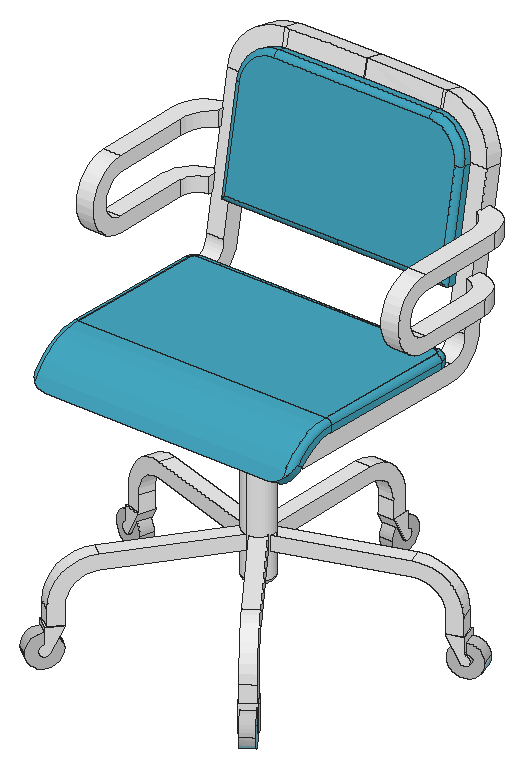
Revit family (continued)
Lines and regions (mm)
  symbolic lines
    curve 100: line (279.4, -359.867, 418.876) -> (279.4, -284.36, 416.86)
    curve 101: arc (279.4, -401.676, 450.004) -> (279.4, -436.516, 443.042) -> (279.4, -464.905, 421.681) r 80
    curve 102: line (279.4, -141.181, 443.047) -> (279.4, -401.676, 450.004)
    curve 103: line (279.4, -94.567, 560) -> (279.4, -64.316, 560)
    curve 104: line (279.4, -69.096, 534.203) -> (279.4, -99.819, 534.203)
    curve 105: line (279.4, -76.276, 654.6) -> (279.4, -53.664, 654.6)
    curve 106: line (279.4, -53.664, 654.6) -> (279.4, -53.664, 629.2)
    curve 107: line (279.4, -53.664, 629.2) -> (279.4, -78.674, 629.2)
    curve 108: line (-291.524, -528.477, 64.962) -> (-267.378, -528.477, 64.962)
    curve 109: line (-268.019, -528.477, 62.962) -> (-268.019, -528.477, 64.962)
    curve 110: line (-267.378, -528.477, 64.962) -> (-267.378, -528.477, 92.962)
    curve 111: line (-268.019, -528.477, 62.962) -> (-259.552, -528.477, 62.962)
    curve 112: line (-259.552, -528.477, 62.962) -> (-267.428, -528.477, 47.656)
    curve 113: spline (-272.954, -528.477, 52.17) -> (-272.412, -528.477, 51.828) -> (-271.877, -528.477, 51.472) -> (-271.351, -528.477, 51.104) -> (-270.834, -528.477, 50.722) -> (-270.325, -528.477, 50.327) -> (-269.825, -528.477, 49.92) -> (-269.335, -528.477, 49.5) -> (-268.854, -528.477, 49.068) -> (-268.383, -528.477, 48.625) -> (-267.922, -528.477, 48.169) -> (-267.471, -528.477, 47.703) -> (-267.032, -528.477, 47.225)
    curve 114: spline (-267.367, -528.477, 92.962) -> (-266.961, -528.477, 99.475) -> (-265.75, -528.477, 105.877) -> (-263.755, -528.477, 112.058) -> (-261.009, -528.477, 117.912) -> (-257.56, -528.477, 123.339) -> (-253.467, -528.477, 128.247) -> (-248.8, -528.477, 132.55) -> (-243.638, -528.477, 136.177) -> (-238.071, -528.477, 139.064) -> (-232.192, -528.477, 141.162) -> (-226.104, -528.477, 142.435) -> (-219.909, -528.477, 142.862)
    curve 115: line (-176.907, -528.477, 142.862) -> (-219.909, -528.477, 142.862)
    curve 116: spline (-176.907, -528.477, 142.862) -> (-174.758, -528.477, 146.712) -> (-172.454, -528.477, 150.295) -> (-170.008, -528.477, 153.593) -> (-167.431, -528.477, 156.589) -> (-164.736, -528.477, 159.269) -> (-161.937, -528.477, 161.619) -> (-159.048, -528.477, 163.628) -> (-156.083, -528.477, 165.285) -> (-153.056, -528.477, 166.582) -> (-149.984, -528.477, 167.514) -> (-146.88, -528.477, 168.075) -> (-143.761, -528.477, 168.262)
    curve 117: spline (-123.212, -528.477, 168.262) -> (-128.989, -528.477, 167.618) -> (-134.667, -528.477, 165.696) -> (-140.149, -528.477, 162.53) -> (-145.342, -528.477, 158.174) -> (-150.155, -528.477, 152.701) -> (-154.508, -528.477, 146.207) -> (-158.326, -528.477, 138.802) -> (-161.542, -528.477, 130.612) -> (-164.103, -528.477, 121.778) -> (-165.964, -528.477, 112.451) -> (-167.093, -528.477, 102.791) -> (-167.472, -528.477, 92.962)
    curve 118: line (-167.472, -528.477, 92.962) -> (-167.472, -528.477, 64.962)
    curve 119: line (-189.568, -528.477, 55.934) -> (-189.568, -528.477, 62.962)
    curve 120: line (-189.568, -528.477, 62.962) -> (-169.056, -528.477, 62.962)
    curve 121: line (-188.021, -528.477, 64.962) -> (-150.927, -528.477, 64.962)
    curve 122: line (-169.056, -528.477, 62.962) -> (-169.056, -528.477, 41.818)
    curve 123: line (-167.441, -528.477, 64.962) -> (-167.441, -528.477, 41.818)
    curve 124: line (-167.441, -528.477, 41.818) -> (-168.11, -528.477, 37.583)
    curve 125: line (-169.056, -528.477, 41.818) -> (-169.725, -528.477, 37.583)
    curve 126: line (-169.056, -528.477, 41.818) -> (-167.441, -528.477, 41.818)
    curve 127: line (-169.725, -528.477, 37.583) -> (-168.11, -528.477, 37.583)
    curve 128: spline (-169.725, -528.477, 37.583) -> (-170.939, -528.477, 37.011) -> (-172.032, -528.477, 35.948) -> (-172.937, -528.477, 34.46) -> (-173.596, -528.477, 32.639) -> (-173.97, -528.477, 30.598) -> (-174.035, -528.477, 28.465) -> (-173.787, -528.477, 26.37) -> (-173.242, -528.477, 24.443) -> (-172.433, -528.477, 22.805) -> (-171.41, -528.477, 21.557) -> (-170.237, -528.477, 20.775) -> (-168.987, -528.477, 20.509)
    curve 129: spline (-168.11, -528.477, 37.583) -> (-169.658, -528.477, 36.75) -> (-170.97, -528.477, 35.128) -> (-171.912, -528.477, 32.886) -> (-172.387, -528.477, 30.253) -> (-172.346, -528.477, 27.5) -> (-171.792, -528.477, 24.912) -> (-170.784, -528.477, 22.753) -> (-169.425, -528.477, 21.247) -> (-167.854, -528.477, 20.548) -> (-166.234, -528.477, 20.729) -> (-164.731, -528.477, 21.77) -> (-163.499, -528.477, 23.565)
    curve 130: spline (-169.056, -528.477, 55.962) -> (-173.384, -528.477, 55.346) -> (-177.466, -528.477, 52.806) -> (-181.014, -528.477, 48.52) -> (-183.779, -528.477, 42.789) -> (-185.566, -528.477, 36.017) -> (-186.249, -528.477, 28.68) -> (-185.781, -528.477, 21.294) -> (-184.195, -528.477, 14.377) -> (-181.601, -528.477, 8.417) -> (-178.183, -528.477, 3.833) -> (-174.18, -528.477, 0.947) -> (-169.875, -528.477, -0.038)
    curve 131: line (-163.499, -528.477, 23.565) -> (-156.745, -528.477, 44.731)
    curve 132: line (-175.288, -528.477, 55.934) -> (-189.568, -528.477, 55.934)
    curve 133: spline (-191.183, -528.477, 55.708) -> (-191.049, -528.477, 55.741) -> (-190.915, -528.477, 55.771) -> (-190.781, -528.477, 55.799) -> (-190.647, -528.477, 55.826) -> (-190.512, -528.477, 55.85) -> (-190.378, -528.477, 55.873) -> (-190.243, -528.477, 55.894) -> (-190.108, -528.477, 55.913) -> (-189.973, -528.477, 55.93) -> (-189.838, -528.477, 55.945) -> (-189.703, -528.477, 55.958) -> (-189.568, -528.477, 55.969)
    curve 134: line (291.524, -528.477, 64.962) -> (267.378, -528.477, 64.962)
    curve 135: line (268.019, -528.477, 62.962) -> (268.019, -528.477, 64.962)
    curve 136: line (267.378, -528.477, 64.962) -> (267.378, -528.477, 92.962)
    curve 137: line (268.019, -528.477, 62.962) -> (259.552, -528.477, 62.962)
    curve 138: line (259.552, -528.477, 62.962) -> (267.428, -528.477, 47.656)
    curve 139: spline (267.367, -528.477, 92.962) -> (266.961, -528.477, 99.475) -> (265.75, -528.477, 105.877) -> (263.755, -528.477, 112.058) -> (261.009, -528.477, 117.912) -> (257.56, -528.477, 123.339) -> (253.467, -528.477, 128.247) -> (248.8, -528.477, 132.55) -> (243.638, -528.477, 136.177) -> (238.071, -528.477, 139.064) -> (232.192, -528.477, 141.162) -> (226.104, -528.477, 142.435) -> (219.909, -528.477, 142.862)
    curve 140: line (176.907, -528.477, 142.862) -> (219.909, -528.477, 142.862)
    curve 141: spline (176.907, -528.477, 142.862) -> (174.758, -528.477, 146.712) -> (172.454, -528.477, 150.295) -> (170.008, -528.477, 153.593) -> (167.431, -528.477, 156.589) -> (164.736, -528.477, 159.269) -> (161.937, -528.477, 161.619) -> (159.048, -528.477, 163.628) -> (156.083, -528.477, 165.285) -> (153.056, -528.477, 166.582) -> (149.984, -528.477, 167.514) -> (146.88, -528.477, 168.075) -> (143.761, -528.477, 168.262)
    curve 142: spline (123.212, -528.477, 168.262) -> (128.989, -528.477, 167.618) -> (134.667, -528.477, 165.696) -> (140.149, -528.477, 162.53) -> (145.342, -528.477, 158.174) -> (150.155, -528.477, 152.701) -> (154.508, -528.477, 146.207) -> (158.326, -528.477, 138.802) -> (161.542, -528.477, 130.612) -> (164.103, -528.477, 121.778) -> (165.964, -528.477, 112.451) -> (167.093, -528.477, 102.791) -> (167.472, -528.477, 92.962)
    curve 143: line (167.472, -528.477, 92.962) -> (167.472, -528.477, 64.962)
    curve 144: line (189.568, -528.477, 55.934) -> (189.568, -528.477, 62.962)
    curve 145: line (189.568, -528.477, 62.962) -> (169.056, -528.477, 62.962)
    curve 146: line (188.021, -528.477, 64.962) -> (150.927, -528.477, 64.962)
    curve 147: line (169.056, -528.477, 62.962) -> (169.056, -528.477, 41.818)
    curve 148: line (167.441, -528.477, 64.962) -> (167.441, -528.477, 41.818)
    curve 149: line (167.441, -528.477, 41.818) -> (168.11, -528.477, 37.583)
    curve 150: line (169.056, -528.477, 41.818) -> (169.725, -528.477, 37.583)
    curve 151: line (169.056, -528.477, 41.818) -> (167.441, -528.477, 41.818)
    curve 152: line (169.725, -528.477, 37.583) -> (168.11, -528.477, 37.583)
    curve 153: spline (169.725, -528.477, 37.583) -> (171.273, -528.477, 36.75) -> (172.585, -528.477, 35.128) -> (173.527, -528.477, 32.886) -> (174.002, -528.477, 30.253) -> (173.961, -528.477, 27.5) -> (173.408, -528.477, 24.912) -> (172.399, -528.477, 22.753) -> (171.04, -528.477, 21.247) -> (169.469, -528.477, 20.548) -> (167.849, -528.477, 20.729) -> (166.346, -528.477, 21.77) -> (165.114, -528.477, 23.565)
    curve 154: spline (168.11, -528.477, 37.583) -> (169.658, -528.477, 36.75) -> (170.97, -528.477, 35.128) -> (171.912, -528.477, 32.886) -> (172.387, -528.477, 30.253) -> (172.346, -528.477, 27.5) -> (171.792, -528.477, 24.912) -> (170.784, -528.477, 22.753) -> (169.425, -528.477, 21.247) -> (167.854, -528.477, 20.548) -> (166.234, -528.477, 20.729) -> (164.731, -528.477, 21.77) -> (163.499, -528.477, 23.565)
    curve 155: spline (169.056, -528.477, 55.962) -> (173.384, -528.477, 55.346) -> (177.466, -528.477, 52.806) -> (181.014, -528.477, 48.52) -> (183.779, -528.477, 42.789) -> (185.566, -528.477, 36.017) -> (186.249, -528.477, 28.68) -> (185.781, -528.477, 21.294) -> (184.195, -528.477, 14.377) -> (181.601, -528.477, 8.417) -> (178.183, -528.477, 3.833) -> (174.18, -528.477, 0.947) -> (169.875, -528.477, -0.038)
    curve 156: line (163.499, -528.477, 23.565) -> (156.745, -528.477, 44.731)
    curve 157: line (175.288, -528.477, 55.934) -> (189.568, -528.477, 55.934)
    curve 158: spline (191.183, -528.477, 55.708) -> (191.049, -528.477, 55.741) -> (190.915, -528.477, 55.771) -> (190.781, -528.477, 55.799) -> (190.647, -528.477, 55.826) -> (190.512, -528.477, 55.85) -> (190.378, -528.477, 55.873) -> (190.243, -528.477, 55.894) -> (190.108, -528.477, 55.913) -> (189.973, -528.477, 55.93) -> (189.838, -528.477, 55.945) -> (189.703, -528.477, 55.958) -> (189.568, -528.477, 55.969)
    curve 159: line (-294.648, -528.477, 41.818) -> (-295.727, -528.477, 37.583)
    curve 160: spline (-295.727, -528.477, 37.583) -> (-298.223, -528.477, 36.75) -> (-300.34, -528.477, 35.128) -> (-301.859, -528.477, 32.886) -> (-302.625, -528.477, 30.253) -> (-302.558, -528.477, 27.5) -> (-301.666, -528.477, 24.912) -> (-300.04, -528.477, 22.753) -> (-297.848, -528.477, 21.247) -> (-295.315, -528.477, 20.548) -> (-292.702, -528.477, 20.729) -> (-290.278, -528.477, 21.77) -> (-288.292, -528.477, 23.565)
    curve 161: line (-288.292, -528.477, 23.565) -> (-268.019, -528.477, 62.962)
    curve 162: line (-287.674, -528.477, 23.565) -> (-267.401, -528.477, 62.962)
    curve 163: spline (-294.228, -528.477, 20.515) -> (-293.61, -528.477, 20.515) -> (-292.993, -528.477, 20.565) -> (-292.382, -528.477, 20.663) -> (-291.78, -528.477, 20.809) -> (-291.19, -528.477, 21.003) -> (-290.616, -528.477, 21.243) -> (-290.06, -528.477, 21.529) -> (-289.527, -528.477, 21.857) -> (-289.019, -528.477, 22.228) -> (-288.539, -528.477, 22.637) -> (-288.09, -528.477, 23.084) -> (-287.674, -528.477, 23.565)
    curve 164: line (-294.648, -528.477, 41.818) -> (-294.648, -528.477, 55.976)
    curve 165: line (-167.371, -528.477, 20.509) -> (-168.987, -528.477, 20.509)
    curve 166: spline (272.954, -528.477, 52.17) -> (272.412, -528.477, 51.828) -> (271.877, -528.477, 51.472) -> (271.351, -528.477, 51.104) -> (270.834, -528.477, 50.722) -> (270.325, -528.477, 50.327) -> (269.825, -528.477, 49.92) -> (269.335, -528.477, 49.5) -> (268.854, -528.477, 49.068) -> (268.383, -528.477, 48.625) -> (267.922, -528.477, 48.169) -> (267.471, -528.477, 47.703) -> (267.032, -528.477, 47.225)
    curve 167: line (294.648, -528.477, 41.818) -> (295.727, -528.477, 37.583)
    curve 168: spline (295.727, -528.477, 37.583) -> (298.223, -528.477, 36.75) -> (300.34, -528.477, 35.128) -> (301.859, -528.477, 32.886) -> (302.625, -528.477, 30.253) -> (302.558, -528.477, 27.5) -> (301.666, -528.477, 24.912) -> (300.04, -528.477, 22.753) -> (297.848, -528.477, 21.247) -> (295.315, -528.477, 20.548) -> (292.702, -528.477, 20.729) -> (290.278, -528.477, 21.77) -> (288.292, -528.477, 23.565)
    curve 169: line (288.292, -528.477, 23.565) -> (268.019, -528.477, 62.962)
    curve 170: line (287.674, -528.477, 23.565) -> (267.401, -528.477, 62.962)
    curve 171: spline (294.228, -528.477, 20.515) -> (293.61, -528.477, 20.515) -> (292.993, -528.477, 20.565) -> (292.382, -528.477, 20.663) -> (291.78, -528.477, 20.809) -> (291.19, -528.477, 21.003) -> (290.616, -528.477, 21.243) -> (290.06, -528.477, 21.529) -> (289.527, -528.477, 21.857) -> (289.019, -528.477, 22.228) -> (288.539, -528.477, 22.637) -> (288.09, -528.477, 23.084) -> (287.674, -528.477, 23.565)
    curve 172: line (294.648, -528.477, 41.818) -> (294.648, -528.477, 55.976)
    curve 173: line (-25.293, -528.477, 168.262) -> (-1.132, -528.477, 168.262)
    curve 174: line (-1.132, -528.477, 168.262) -> (-1.132, -528.477, 142.862)
    curve 175: line (-1.132, -528.477, 142.862) -> (-25.293, -528.477, 142.862)
    curve 176: line (1.132, -528.477, 168.262) -> (1.132, -528.477, 142.862)
    curve 177: line (1.132, -528.477, 142.862) -> (24.941, -528.477, 142.862)
    curve 178: line (24.941, -528.477, 168.262) -> (1.132, -528.477, 168.262)
    curve 179: line (-12.7, -528.477, 92.509) -> (12.7, -528.477, 92.509)
    curve 180: line (-12.5, -528.477, 295.225) -> (12.9, -528.477, 295.225)
    curve 181: spline (12.5, -528.477, 327.12) -> (10.543, -528.477, 326.501) -> (8.519, -528.477, 325.988) -> (6.441, -528.477, 325.585) -> (4.322, -528.477, 325.292) -> (2.176, -528.477, 325.114) -> (0.015, -528.477, 325.049) -> (-2.147, -528.477, 325.099) -> (-4.296, -528.477, 325.264) -> (-6.419, -528.477, 325.543) -> (-8.503, -528.477, 325.933) -> (-10.534, -528.477, 326.432) -> (-12.5, -528.477, 327.038)
    curve 182: spline (20.865, -528.477, 373.233) -> (18.072, -528.477, 374.884) -> (14.919, -528.477, 376.284) -> (11.468, -528.477, 377.403) -> (7.789, -528.477, 378.22) -> (3.954, -528.477, 378.718) -> (0.04, -528.477, 378.887) -> (-3.875, -528.477, 378.724) -> (-7.712, -528.477, 378.233) -> (-11.396, -528.477, 377.422) -> (-14.852, -528.477, 376.309) -> (-18.012, -528.477, 374.915) -> (-20.812, -528.477, 373.269)
    curve 183: spline (27.242, -528.477, 343.424) -> (26.31, -528.477, 346.711) -> (23.576, -528.477, 349.774) -> (19.228, -528.477, 352.405) -> (13.562, -528.477, 354.423) -> (6.963, -528.477, 355.692) -> (-0.118, -528.477, 356.124) -> (-7.2, -528.477, 355.692) -> (-13.799, -528.477, 354.423) -> (-19.465, -528.477, 352.405) -> (-23.813, -528.477, 349.774) -> (-26.547, -528.477, 346.711) -> (-27.479, -528.477, 343.424)
    curve 184: line (-20.812, -528.477, 398.606) -> (20.892, -528.477, 398.606)
    curve 185: line (-195, -528.477, 470.031) -> (-215.001, -528.477, 470.031)
    curve 186: arc (-215.001, -528.477, 470.031) -> (-222.071, -528.477, 467.103) -> (-225, -528.477, 460.032) r 9.999
    curve 187: arc (225.052, -528.477, 460.976) -> (222.4, -528.477, 467.379) -> (215.997, -528.477, 470.031) r 9.055
    curve 188: line (215.997, -528.477, 470.031) -> (195, -528.477, 470.031)
    curve 189: line (250, -528.477, 560) -> (250, -528.477, 534.6)
    curve 190: line (250.102, -528.477, 629.2) -> (250.102, -528.477, 654.6)
    curve 191: line (225, -528.477, 629.2) -> (225, -528.477, 654.6)
    curve 192: line (225, -528.477, 534.6) -> (225, -528.477, 560)
    curve 193: line (-250, -528.477, 534.6) -> (-250, -528.477, 560)
    curve 194: line (-250, -528.477, 629.2) -> (-250, -528.477, 654.6)
    curve 195: line (-225, -528.477, 654.6) -> (-225, -528.477, 629.2)
    curve 196: line (-225, -528.477, 560) -> (-225, -528.477, 534.6)
    curve 206: line (279.4, -285.588, 168.262) -> (279.4, -285.588, 142.862)
    curve 207: line (279.4, -283.434, 168.262) -> (279.4, -283.434, 142.862)
    curve 208: line (167.441, -532.7, 0) -> (191.341, -515.246, 0)
    curve 224: line (-293.783, -168.143, 0) -> (-286.041, -170.659, 0)
    curve 225: line (-301.667, -192.289, 0) -> (-293.89, -194.816, 0)
    curve 226: line (-12.7, 36.113, 0) -> (-12.7, 27.648, 0)
    curve 227: line (12.7, 36.113, 0) -> (12.7, 27.648, 0)
    curve 228: line (194.264, -522.68, 0) -> (189.706, -516.44, 0)
    curve 229: line (173.745, -537.653, 0) -> (169.194, -531.42, 0)
    curve 230: line (-167.441, -532.7, 0) -> (-191.341, -515.246, 0)
    curve 231: line (-194.264, -522.68, 0) -> (-189.706, -516.44, 0)
    curve 232: line (-173.745, -537.653, 0) -> (-169.194, -531.42, 0)
    curve 233: line (294.508, -196.718, 0) -> (285.423, -168.757, 0)
    curve 234: line (293.783, -168.143, 0) -> (286.041, -170.659, 0)
    curve 235: line (301.667, -192.289, 0) -> (293.89, -194.816, 0)
    curve 236: arc (-140.186, -31.145, 0) -> (0.015, -27.904, 0) -> (140.217, -31.153, 0) r 3030.783
  symbolic lines, visible <- "Bar Back Visibility"
    curve 38: line (-55, -51.607, 800.1) -> (-55, -67.47, 800.1)
    curve 39: line (-85, -67.47, 800.1) -> (-85, -53.221, 800.1)
    curve 40: line (-15, -65.374, 800.1) -> (-15, -50.532, 800.1)
    curve 41: line (15, -50.532, 800.1) -> (15, -65.374, 800.1)
    curve 42: line (55, -67.47, 800.1) -> (55, -51.607, 800.1)
    curve 43: line (85, -53.221, 800.1) -> (85, -67.47, 800.1)
    curve 44: spline (12.7, -74.107, 800.1) -> (10.583, -74.089, 800.1) -> (8.467, -74.073, 800.1) -> (6.35, -74.061, 800.1) -> (4.233, -74.052, 800.1) -> (2.117, -74.047, 800.1) -> (0, -74.046, 800.1) -> (-2.117, -74.047, 800.1) -> (-4.233, -74.052, 800.1) -> (-6.35, -74.061, 800.1) -> (-8.467, -74.073, 800.1) -> (-10.583, -74.089, 800.1) -> (-12.7, -74.107, 800.1)
    curve 45: spline (-195, -83.906, 800.1) -> (-162.697, -79.427, 800.1) -> (-130.287, -75.759, 800.1) -> (-97.791, -72.903, 800.1) -> (-65.23, -70.862, 800.1) -> (-32.626, -69.636, 800.1) -> (0, -69.228, 800.1) -> (32.626, -69.636, 800.1) -> (65.23, -70.862, 800.1) -> (97.791, -72.903, 800.1) -> (130.287, -75.759, 800.1) -> (162.697, -79.427, 800.1) -> (195, -83.906, 800.1)
    curve 197: line (-85, -528.477, 763.238) -> (-85, -528.477, 768.213)
    curve 198: line (-85, -528.477, 768.213) -> (-55, -528.477, 768.213)
    curve 199: line (85, -528.477, 763.238) -> (85, -528.477, 768.213)
    curve 200: line (55, -528.477, 763.238) -> (55, -528.477, 768.213)
    curve 201: line (15, -528.477, 763.238) -> (15, -528.477, 768.213)
    curve 202: line (-15, -528.477, 763.238) -> (-15, -528.477, 768.213)
    curve 203: line (-55, -528.477, 763.238) -> (-55, -528.477, 768.213)
    curve 204: line (-15, -528.477, 768.213) -> (15, -528.477, 768.213)
    curve 205: line (55, -528.477, 768.213) -> (85, -528.477, 768.213)
    curve 221: line (15, -65.374, 0) -> (-15, -65.374, 0)
    curve 222: line (55, -67.47, 0) -> (85, -67.47, 0)
    curve 223: line (-55, -67.47, 0) -> (-85, -67.47, 0)
    curve 237: line (-85, -528.477, 560.007) -> (-55, -528.477, 560.007)
    curve 238: line (-15, -528.477, 560.007) -> (15, -528.477, 560.007)
    curve 239: line (55, -528.477, 560.007) -> (85, -528.477, 560.007)
    curve 240: line (-195, -528.477, 538.994) -> (195, -528.477, 538.994)
  symbolic lines, visible <- "Open Back Visibility"
    curve 46: spline (-195, -83.906, 0) -> (-162.697, -79.427, 0) -> (-130.287, -75.759, 0) -> (-97.791, -72.903, 0) -> (-65.23, -70.862, 0) -> (-32.626, -69.636, 0) -> (0, -69.228, 0) -> (32.626, -69.636, 0) -> (65.23, -70.862, 0) -> (97.791, -72.903, 0) -> (130.287, -75.759, 0) -> (162.697, -79.427, 0) -> (195, -83.906, 0)
    curve 47: spline (12.7, -74.107, 0) -> (10.583, -74.089, 0) -> (8.467, -74.073, 0) -> (6.35, -74.061, 0) -> (4.233, -74.052, 0) -> (2.117, -74.047, 0) -> (0, -74.046, 0) -> (-2.117, -74.047, 0) -> (-4.233, -74.052, 0) -> (-6.35, -74.061, 0) -> (-8.467, -74.073, 0) -> (-10.583, -74.089, 0) -> (-12.7, -74.107, 0)
    curve 48: arc (12.792, -50.509, 0) -> (0.046, -50.446, 0) -> (-12.7, -50.507, 0) r 1302.096
    curve 241: line (-195, -528.477, 538.994) -> (195, -528.477, 538.994)
  sketch lines
    curve 209: line (225, -140.853, 412.478) -> (225, -463.776, 421.102)
    curve 210: arc (225, -79.253, 472.96) -> (225, -97.215, 429.644) -> (225, -140.853, 412.478) r 60
    curve 211: line (225, -34.059, 707.453) -> (225, -79.253, 472.96)
    curve 212: arc (141.229, -15.158, 790.397) -> (200.696, -21.912, 766.067) -> (225, -34.059, 707.453) r 84.481
    curve 213: spline (0, -12.45, 791.075) -> (11.246, -12.488, 790.981) -> (22.493, -12.557, 790.893) -> (33.739, -12.656, 790.813) -> (44.985, -12.787, 790.739) -> (56.23, -12.948, 790.673) -> (67.475, -13.14, 790.613) -> (78.72, -13.362, 790.561) -> (89.963, -13.616, 790.516) -> (101.206, -13.9, 790.477) -> (112.449, -14.216, 790.446) -> (123.69, -14.562, 790.422) -> (134.93, -14.939, 790.404)
    curve 214: spline (-134.93, -14.939, 790.404) -> (-123.69, -14.562, 790.422) -> (-112.448, -14.216, 790.446) -> (-101.206, -13.9, 790.477) -> (-89.963, -13.616, 790.516) -> (-78.719, -13.362, 790.561) -> (-67.474, -13.14, 790.613) -> (-56.229, -12.948, 790.673) -> (-44.984, -12.787, 790.739) -> (-33.738, -12.656, 790.813) -> (-22.492, -12.557, 790.893) -> (-11.246, -12.488, 790.981) -> (0, -12.45, 791.075)
    curve 215: arc (-225, -34.059, 707.453) -> (-200.696, -21.912, 766.067) -> (-141.229, -15.158, 790.397) r 84.481
    curve 216: line (-225, -79.253, 472.96) -> (-225, -34.059, 707.453)
    curve 217: arc (-225, -140.853, 412.478) -> (-225, -97.215, 429.644) -> (-225, -79.253, 472.96) r 60
    curve 218: line (-225, -463.776, 421.102) -> (-225, -140.853, 412.478)
    curve 219: line (134.93, -14.939, 790.404) -> (141.229, -15.158, 790.397)
    curve 220: line (-141.229, -15.158, 790.397) -> (-134.93, -14.939, 790.404)
Dimensions and locks
  plane 4 "Top 2" to level = 31 1/2"
  level to plane 4 "Top 2" = 31 1/2"
  plane 5 "Left 1" to plane 7 "Right 1" = 22"
  plane 6 "Front 1" to plane 9 "Back 1" = 23"  (x2)
  plane 8 "Top 1" to level = 18 1/2"  (x2)
  plane 7 "Right 1" to plane 5 "Left 1" = 22"
Nested families
  nested 1: "Emeco-Shared-Seat_Back-NIN0SWV" at (0, -141.152, 443.068), Soft Back Visibility <- "Soft Back Visibility", type <- "Seat & Back Finish Option", type "Blue"
    with Soft Back Visibility yes
Definition of nested family "Emeco-Shared-Seat_Back-NIN0SWV"
  Parameters (values of type "Blue")
    URL = ""
    Seat Finish = EMECO-Blue
    Model = ""
    Manufacturer = ""
    Soft Back Visibility [instance] = yes
    Back Finish = EMECO-Blue
    Assembly Code = ""
  Types (5): name | Seat Finish | Back Finish
    Blue | EMECO-Blue | EMECO-Blue
    Green | EMECO-Green | EMECO-Green
    Gray | EMECO-Gray | EMECO-Gray
    Orange | EMECO-Orange | EMECO-Orange
    Red | EMECO-Red | EMECO-Red
  Reference planes
    plane 1 "Center Front/Back": y = 0
    plane 2: z = 0
    plane 3 "Center Left/Right": x = 0
    plane 4 "Top 1": z = 330.44
  Forms (mm)
    Extrusion 1, solid, material "EMECO-Blue" <- "Seat Finish"
      sketch origin (0, 128.495, -453.588) x (1, 0, 0) y (0, 0.999644, -0.026695)
        loop
          arc (-205, -150.644) -> (-212.071, -153.573) -> (-215, -160.644) r 10
          line (-215, -160.644) -> (-215, -401.142) -> (215, -401.142) -> (215, -160.644)
          arc (215, -160.644) -> (212.071, -153.573) -> (205, -150.644) r 10
          line (205, -150.644) -> (-205, -150.644)
      from 449.996 to 469.996
    Sweep 2, solid, material "EMECO-Blue" <- "Seat Finish"
      path origin (0, 153.527, 15.907) x (0, -0.999644, 0.026695) y (1, 0, 0)
        loop
          line (413.632, 215) -> (173.048, 215)
          arc (173.048, 215) -> (165.977, 212.071) -> (163.048, 205) r 10
          line (163.048, 205) -> (163.048, -205)
          arc (163.048, -205) -> (165.977, -212.071) -> (173.048, -215) r 10
          line (173.048, -215) -> (413.632, -215)
      profile origin (-215, -139.708, 23.738) x (1, 0, 0) y (0, 0.026695, 0.999644)
        loop
          arc (0, 0.002) -> (-7.071, -2.927) -> (-10, -9.998) r 10
          line (-10, -9.998) -> (-10, -20) -> (0, -20) -> (0, 0.002)
    Sweep 3, solid, material "EMECO-Blue" <- "Seat Finish"
      path origin (0, 141.15, -433.788) x (0, 1, 0) y (0, 0, 1)
        loop
          arc (-401.056, 469.996) -> (-464.514, 451.342) -> (-507.172, 400.795) r 114.896
      profile origin (0, -323.364, 17.554) x (0, 0.546244, -0.837626) y (1, 0, 0)
        loop
          spline (18.303, 225) -> (17.125, 224.914) -> (15.968, 224.659) -> (14.85, 224.239) -> (13.791, 223.66) -> (12.81, 222.934) -> (11.922, 222.071) -> (11.144, 221.088) -> (10.488, 220) -> (9.966, 218.827) -> (9.587, 217.588) -> (9.357, 216.305) -> (9.28, 215)
          line (9.28, 215) -> (9.245, -215.001)
          spline (9.245, -215.001) -> (9.357, -216.305) -> (9.587, -217.588) -> (9.966, -218.827) -> (10.488, -220) -> (11.144, -221.088) -> (11.922, -222.071) -> (12.81, -222.934) -> (13.791, -223.66) -> (14.85, -224.239) -> (15.968, -224.659) -> (17.125, -224.914) -> (18.303, -225)
          line (18.303, -225) -> (28.837, -225) -> (28.837, 225) -> (18.303, 225)
    Extrusion 4, void
      sketch origin (0, -404.577, -115.12) x (0, -0.515038, -0.857167) y (1, 0, 0)
        loop
          line (-124.078, -225) -> (-124.078, -227.476) -> (-87.057, -227.476) -> (-87.057, -192.393) -> (-91.471, -192.393)
          arc (-91.471, -192.393) -> (-101.021, -215.45) -> (-124.078, -225) r 32.607
        loop
          arc (-124.078, 225) -> (-101.021, 215.45) -> (-91.471, 192.393) r 32.607
          line (-91.471, 192.393) -> (-87.057, 192.393) -> (-87.057, 227.476) -> (-124.078, 227.476) -> (-124.078, 225)
      from -70.47 to 44.528
    Extrusion 5, solid, material "EMECO-Blue" <- "Back Finish", visible <- "Soft Back Visibility"
      sketch origin (0, -74.16, -406.498) x (0, -0.189247, -0.981929) y (1, 0, 0)
        loop
          line (-689.332, -186.997) -> (-522.174, -186.997) -> (-522.174, 186.561) -> (-689.776, 186.561)
          arc (-689.776, 186.561) -> (-726.232, 171.461) -> (-741.332, 135.005) r 51.557
          line (-741.332, 135.005) -> (-741.332, -134.997)
          arc (-741.332, -134.997) -> (-726.102, -171.766) -> (-689.332, -186.997) r 52
      from -30.911 to 0
    Sweep 6, solid, material "EMECO-Blue" <- "Back Finish", visible <- "Soft Back Visibility"
      path origin (0, -74.16, -406.498) x (0, -0.189247, -0.981929) y (1, 0, 0)
        loop
          line (-741.332, 135.005) -> (-741.332, -134.997)
          arc (-741.332, -134.997) -> (-726.102, -171.766) -> (-689.332, -186.997) r 52
          line (-689.332, -186.997) -> (-522.174, -186.997) -> (-522.174, 8.761) -> (-522.174, 186.561) -> (-689.776, 186.561)
          arc (-689.776, 186.561) -> (-726.232, 171.461) -> (-741.332, 135.005) r 51.557
      profile origin (0.004, 66.135, 321.438) x (0, -0.189247, -0.981929) y (0, -0.981929, 0.189247)
        loop
          arc (0, 0) -> (-6.836, -3.19) -> (-9.62, -10.201) r 10.218
          line (-9.62, -10.201) -> (-9.62, -30.911) -> (0, -30.911) -> (0, 0)
    Extrusion 7, solid, material "EMECO-Blue" <- "Back Finish", visible <- "Soft Back Visibility", not visible
      sketch origin (0, -71.117, -397.676) x (0, -0.207912, -0.978148) y (1, 0, 0)
        loop
          line (-689.332, -186.997) -> (-522.174, -186.997) -> (-522.174, 186.561) -> (-689.776, 186.561)
          arc (-689.776, 186.561) -> (-726.232, 171.461) -> (-741.332, 135.005) r 51.557
          line (-741.332, 135.005) -> (-741.332, -134.997)
          arc (-741.332, -134.997) -> (-726.102, -171.766) -> (-689.332, -186.997) r 52
      from -30.911 to 0
    Sweep 8, solid, material "EMECO-Blue" <- "Back Finish", visible <- "Soft Back Visibility", not visible
      path origin (0, -71.117, -397.676) x (0, -0.207912, -0.978148) y (1, 0, 0)
        loop
          line (-741.332, 135.005) -> (-741.332, -134.997)
          arc (-741.332, -134.997) -> (-726.102, -171.766) -> (-689.332, -186.997) r 52
          line (-689.332, -186.997) -> (-522.174, -186.997) -> (-522.174, 8.761) -> (-522.174, 186.561) -> (-689.776, 186.561)
          arc (-689.776, 186.561) -> (-726.232, 171.461) -> (-741.332, 135.005) r 51.557
      profile origin (0.004, 83.014, 327.456) x (0, -0.207912, -0.978148) y (0, -0.978148, 0.207912)
        loop
          arc (0, 0) -> (-6.836, -3.19) -> (-9.62, -10.201) r 10.218
          line (-9.62, -10.201) -> (-9.62, -30.911) -> (0, -30.911) -> (0, 0)
  Cuts and joins
    Extrusion 4 cuts Sweep 3
    joined: Extrusion 5, Sweep 6
  Lines and regions (mm)
    Masking region 1, visible <- "Soft Back Visibility"
      outline origin (0, 0, 330.44) x (1, 0, 0) y (0, 1, 0)
        loop
          line (-196.617, 102.439) -> (-196.617, 45.427)
          spline (-196.617, 45.427) -> (-196.536, 44.188) -> (-196.294, 43.001) -> (-195.895, 41.888) -> (-195.346, 40.863) -> (-194.655, 39.945) -> (-193.832, 39.148) -> (-192.892, 38.484) -> (-191.849, 37.964) -> (-190.72, 37.595) -> (-189.522, 37.385) -> (-188.274, 37.334) -> (-186.997, 37.449)
          line (-186.997, 37.449) -> (-12.7, 37.449) -> (-12.7, 0) -> (12.7, 0) -> (12.7, 37.449) -> (186.561, 37.449)
          spline (186.561, 37.449) -> (187.846, 37.336) -> (189.086, 37.385) -> (190.284, 37.595) -> (191.414, 37.964) -> (192.456, 38.484) -> (193.397, 39.148) -> (194.218, 39.945) -> (194.91, 40.863) -> (195.459, 41.887) -> (195.859, 43.001) -> (196.099, 44.187) -> (196.181, 45.427)
          line (196.181, 45.427) -> (196.181, 102.531)
          spline (196.181, 102.531) -> (195.658, 104.191) -> (194.097, 105.823) -> (191.525, 107.398) -> (187.985, 108.891) -> (183.539, 110.274) -> (178.263, 111.525) -> (172.247, 112.622) -> (165.593, 113.546) -> (158.416, 114.282) -> (150.838, 114.817) -> (142.99, 115.141) -> (135.005, 115.25)
          line (135.005, 115.25) -> (-134.997, 115.25)
          spline (-134.997, 115.25) -> (-143.04, 115.141) -> (-150.945, 114.814) -> (-158.578, 114.275) -> (-165.807, 113.534) -> (-172.509, 112.603) -> (-178.569, 111.498) -> (-183.883, 110.238) -> (-188.361, 108.844) -> (-191.926, 107.341) -> (-194.517, 105.755) -> (-196.09, 104.111) -> (-196.617, 102.439)
    Masking region 2, visible <- "Soft Back Visibility"
      outline origin (0, -10.628, -7.539) x (0, 0.999819, 0.019043) y (0, -0.019043, 0.999819)
        loop
          line (65.684, 97.251) -> (115.25, 330.44) -> (96.616, 334.4)
          arc (96.616, 334.4) -> (88.161, 334.169) -> (83.014, 327.456) r 9.832
          line (83.014, 327.456) -> (37.449, 113.088)
          arc (37.449, 113.088) -> (38.95, 105.601) -> (45.427, 101.557) r 9.637
          line (45.427, 101.557) -> (65.684, 97.251)
    Masking region 3, visible <- "Soft Back Visibility"
      outline origin (0, 0, 0) x (1, 0, 0) y (0, 0, 1)
        loop
          line (-196.617, 273.423) -> (-196.617, 91.319) -> (196.181, 91.319) -> (196.181, 274.756)
          arc (196.181, 274.756) -> (178.544, 317.337) -> (135.962, 334.975) r 60.219
          line (135.962, 334.975) -> (-135.065, 334.975)
          arc (-135.065, 334.975) -> (-178.589, 316.947) -> (-196.617, 273.423) r 61.552
    Masking region 4, visible <- "Soft Back Visibility", not visible
      outline origin (0, 0, 0) x (0, 1, 0) y (0, 0, 1)
        loop
          line (65.684, 97.251) -> (115.25, 330.44) -> (96.616, 334.4)
          arc (96.616, 334.4) -> (88.161, 334.169) -> (83.014, 327.456) r 9.832
          line (83.014, 327.456) -> (37.449, 113.088)
          arc (37.449, 113.088) -> (38.95, 105.601) -> (45.427, 101.557) r 9.637
          line (45.427, 101.557) -> (65.684, 97.251)
    symbolic lines, visible <- "Soft Back Visibility"
      curve 1: line (-12.7, 37.449, 330.44) -> (12.7, 37.449, 330.44)
Types (4): name | Soft Back Visibility | Open Back Visibility | Model | Bar Back Visibility | Back Material
  (no name) | yes | no | "NIN0SWV-SA" | no | "EMECO-Soft Polyurethane"
  NIN0SWV-S | yes | no | "NIN0SWV-SA" | no | "EMECO-Soft Polyurethane"
  NIN0SWV-3 | no | no | "NIN0SWV-3A" | yes | "EMECO-Recycled Aluminum"
  NIN0SWV-O | no | yes | "NIN0SWV-OA" | no | "EMECO-Recycled Aluminum"
